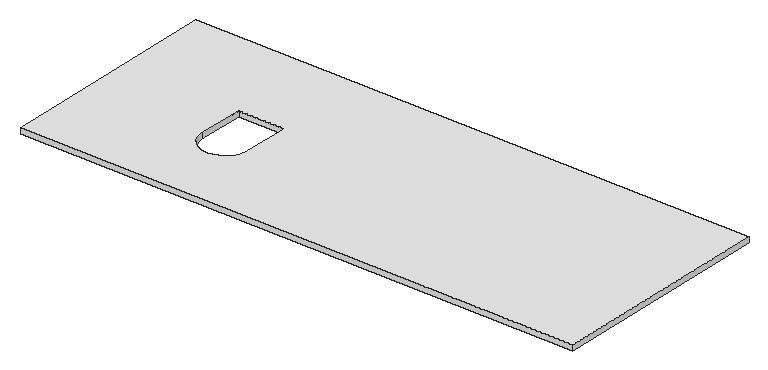
Revit family "Countertop-120cm-WithoutFaucetHole-Left-Vitra-OriginSeries-65722+65723+65724", category Furniture Systems, host Face, Revit 2017
Family settings
  Host = Face
  Round Connector Dimension = Use Diameter
  Part Type = Normal
  OmniClass Number = 23.40.00.00
  OmniClass Title = Equipment and Furnishings
  Cut with Voids When Loaded = No
  Shared = Yes
  Room Calculation Point = No
Parameters (values of type "Countertop-120cm-WithLeftSyphonHole-Vitra-OriginSeries-65722")
  Youtube = "https://www.youtube.com/user/VitrAglobal"
  Weight Net (kg) = ""
  Warranty Period (Year) = "2"
  Uniformat II Description = "INTERIOR FINISHES"
  Uniformat II Code = "C30"
  Uniclass 2015 Name = "Counter tops"
  Uniclass 2015 Code = "Pr_40_30_30_18"
  Uniclass 2.0 Description = "Counter Tops"
  Uniclass 2.0 Code = "PR-35-12-18"
  Uniclass 1.4 Description = "Counters"
  Uniclass 1.4 Code = "L8571"
  URL = "https://vitraglobal.com/"
  UNSPSC Description = ""
  UNSPSC Code = ""
  Technical description = "https://www.vitraglobal.com/pdf/65722/"
  Tap hole Options (default) = ""
  Specification = ""
  Region South America = "All"
  Region Oceania = "All"
  Region North America = "All"
  Region Middle East = "All"
  Region Europe = "All"
  Region Asia = "All"
  Region Antarctica = "All"
  Region Africa = "All"
  Product url = "https://www.vitraglobal.com/bathroom-furniture/counters/standard-workbenches/origin-top-counter-sku-65722/"
  Product manual = ""
  Product group = "Counters - Standard Workbenches - Top Counter\r\n>"
  Product family = "Origin"
  Product data url = ""
  Product certification = "https://www.vitraglobal.com/brochures/"
  Product SKU = "65722"
  Product Guid = "https://www.vitraglobal.com/uyeIslem/fileDownload.aspx?udkEnc=oQGllook+YuiFTRdxV3HBJtQgb+vWlOUccWIhYuznkUtHwyarxks5/S7SKL9bhf5pbngVkYfcUevWU5GXZT17w==&lang=en-US"
  Primary Material = White Glass
  OmniClass Description = "Casework Component Work Surfaces"
  OmniClass Code = "23-21 19 17"
  Nominal Width (mm) = 1205 mm
  Nominal Height (mm) = 12 mm
  Nominal Depth (mm) = 480 mm
  NBS Referans Description = "Counter Tops"
  NBS Referans Code = "35-12-18"
  Mounting type = "Top Counter"
  Model = "65722"
  Masterformat 2014 Description = "Countertops"
  Masterformat 2014 Code = "12 36 00"
  Manufacturer name = "VitrA"
  Manufacturer = "VitrA"
  Main Material = "Glass"
  Installation instructions = "https://www.vitraglobal.com/uyeIslem/fileDownload.aspx?udkEnc=/LKsi76KTJ22Tpn9XMic+huNwJNug7S3vXKj/Lmkh85nHRxay3dLzQd7xwo5Di0DylrmI3j/bZLFzwYN5k6V4A==&lang=en-US"
  IFC Classification = "Furnishing Element"
  EAN code = ""
  Design country = "Turkey"
  Description = "Origin Top counter - with left syphon hole - without faucet hole - 120cm - White"
  Default Elevation = 850 mm
  Color = "White"
  COBIe Type Category = ""
  Brand = "VitrA"
  BIMobject category = "Countertops"
  Article No. (default) = "65722"
  Accessories (default) = ""
Types (3, lengths in mm): name | Technical description | Product url | Product SKU | Product Guid | Primary Material | Model | Installation instructions | Description | Color | Article No. (default)
  Countertop-120cm-WithLeftSyphonHole-Vitra-OriginSeries-65722 | "https://www.vitraglobal.com/pdf/65722/" | "https://www.vitraglobal.com/bathroom-furniture/counters/standard-workbenches/origin-top-counter-sku-65722/" | "65722" | "https://www.vitraglobal.com/uyeIslem/fileDownload.aspx?udkEnc=oQGllook+YuiFTRdxV3HBJtQgb+vWlOUccWIhYuznkUtHwyarxks5/S7SKL9bhf5pbngVkYfcUevWU5GXZT17w==&lang=en-US" | White Glass | "65722" | "https://www.vitraglobal.com/uyeIslem/fileDownload.aspx?udkEnc=/LKsi76KTJ22Tpn9XMic+huNwJNug7S3vXKj/Lmkh85nHRxay3dLzQd7xwo5Di0DylrmI3j/bZLFzwYN5k6V4A==&lang=en-US" | "Origin Top counter - with left syphon hole - without faucet hole - 120cm - White" | "White" | "65722"
  Countertop-120cm-WithLeftSyphonHole-Vitra-OriginSeries-65723 | "https://www.vitraglobal.com/pdf/65723/" | "https://www.vitraglobal.com/bathroom-furniture/counters/standard-workbenches/origin-top-counter-sku-65723/" | "65723" | "https://www.vitraglobal.com/uyeIslem/fileDownload.aspx?udkEnc=Xnz1BeszsRA47SijqlAZRFDjkhYc0ZwXy6SoJvlAmawlzVbbUa3haQTkgx7q7N/qo05g1vXRX+S3Qpdl4e5GGA==&lang=en-US" | Black Glass | "65723" | "https://www.vitraglobal.com/uyeIslem/fileDownload.aspx?udkEnc=53vcfT1QN3HEYONVQO2i4KdfQTMONONUwJEnXSM9lNoq+XQmW75Ibx9FtRMfHmVaDpUjbp549HIwcwKhGT5wgA==&lang=en-US" | "Origin Top counter - with left syphon hole - without faucet hole 120cm - Black" | "Black" | "65723"
  Countertop-120cm-WithLeftSyphonHole-Vitra-OriginSeries-65724 | "https://www.vitraglobal.com/pdf/65724/" | "https://www.vitraglobal.com/bathroom-furniture/counters/standard-workbenches/origin-top-counter-sku-65724/" | "65724" | "https://www.vitraglobal.com/uyeIslem/fileDownload.aspx?udkEnc=wmqgYszwbtd4o90uB33pPQmoB3aWXTVFbCMxzFUJEjBS2scN/YQI0QEBcQe5GaK4zCERueLDdXWasXL5JuW1tw==&lang=en-US" | Neolith | "65724" | "https://www.vitraglobal.com/uyeIslem/fileDownload.aspx?udkEnc=vzZU/tdUr5FYfWWH1RmVf3nkbqvWkrKVwhOoE+j7byjPHt2jfJ8sMYTFA5Ya5+FStyabmo1ChjzpiozGgKTeFg==&lang=en-US" | "Origin Top counter - with left syphon hole - without faucet hole - 120cm - Neolith" | "Neolith" | "65724"
Reference planes
  plane 1 "Center (Front/Back)": y = 0
  plane 2: z = 0
  plane 3 "Center (Left/Right)": x = -8.77
  plane 4: y = 240
  plane 5: y = -240
  plane 6: z = -838
  plane 7: z = 12
  plane 8: x = 602.5
  plane 9: x = -602.5
Forms (mm)
  Extrusion 1, solid, detail levels coarse
    sketch origin (0, 0, 0) x (1, 0, 0) y (0, 1, 0)
      loop
        line (602.5, 240) -> (-602.5, 240) -> (-602.5, -240) -> (602.5, -240) -> (602.5, 240)
    from 0 to 12
  Extrusion 2, solid, material "White Glass" <- "Primary Material", detail levels medium+fine
    sketch origin (0, 0, 0) x (1, 0, 0) y (0, 1, 0)
      loop
        line (602.5, 240) -> (-602.5, 240) -> (-602.5, -240) -> (602.5, -240) -> (602.5, 240)
      loop
        line (-350, 40) -> (-350, -60)
        arc (-350, -60) -> (-300, -110) -> (-250, -60) r 50
        line (-250, -60) -> (-250, 40) -> (-350, 40)
    from 0 to 12
Dimensions and locks
  "Nominal Depth (mm)": plane 4 to plane 5
  plane 7 to plane 6 = 850 mm
  "Nominal Height (mm)": plane 7 to host face
  "Nominal Width (mm)": plane 9 to plane 8
  aligned and locked: plane 2 to host face
  aligned and locked: level to host face
Automatic sketch dimensions
  host sketch curve to host sketch curve = 2438.4 mm  (x2)
  Extrusion 1 sketch curve to plane 5 = 0 mm
  Extrusion 1 sketch curve to plane 4 = 0 mm
  Extrusion 2 sketch curve to plane 4 = 0 mm
  Extrusion 2 sketch curve to plane 5 = 0 mm
  Extrusion 2 sketch curve to plane 1 "Center (Front/Back)" = 40 mm
  Extrusion 2 sketch curve to plane 3 "Center (Left/Right)" = 341.23 mm
  Extrusion 2 sketch curve to Extrusion 2 sketch curve = 50 mm
  plane 1 "Center (Front/Back)" to Extrusion 2 sketch curve = 60 mm
  Extrusion 1 sketch curve to plane 3 "Center (Left/Right)" = 593.73 mm
  Extrusion 2 sketch curve to Extrusion 2 sketch curve = 252.5 mm
  plane 3 "Center (Left/Right)" to Extrusion 1 sketch curve = 611.27 mm
  plane 3 "Center (Left/Right)" to Extrusion 2 sketch curve = 611.27 mm
